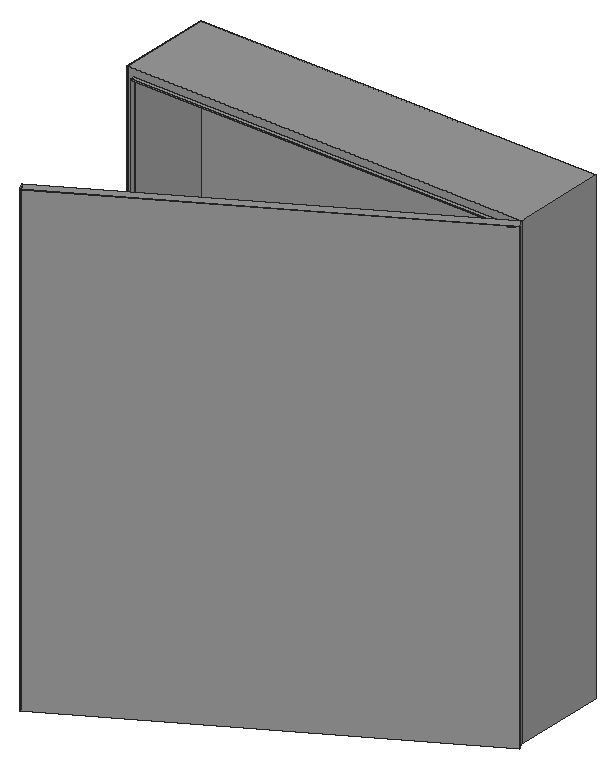
Revit family "Hager-Univers-IP44-D205-H950-Cl.I-Encl-NoHosted-CH-en", category Equipement électrique, Revit 2020
Family settings
  Configuration du panneau = Deux colonnes, circuits au sein
  Cote de connecteur circulaire = Utiliser le diamètre
  Type d'élément = Tableau de raccordement
  Basée sur le plan de construction = Oui
  Toujours verticalement = Oui
  Couper avec des vides une fois chargée = Non
  Partagée = Non
  Point de calcul de pièce = Non
Parameters (values of type "Surface mounted (plaster) IP44 W800 H950 D205  - FP63TN2")
  Width Control [instance] = if([EF000008 - Width] > Min Width, [EF000008 - Width], Min Width)  # 800 mm
  Commentaires du type = [HG000003 - Range]  # "Univers"
  Thickness Door [instance] = if([EF009171 - Material plate thickness door/cover] > 3 mm, 3 mm, [EF009171 - Material plate thickness door/cover])  # 1 mm
  Seal Frame Offset [instance] = 17 mm  # constant formula
  Plinth Visibility [instance] = [HG000027 - Plinth height] > 0 mm  # no
  Min Width [instance] = 100 mm  # constant formula
  Min Depth [instance] = (2 * [EF009170 - Material plate thickness cabinet]) + 1 mm  # 3 mm
  Min Height [instance] = 100 mm  # constant formula
  Internal Frame Depth [instance] = (Door System Depth * 0.5)  # 9 mm
  Panel Name [instance] = ""  # (empty or 0)
  Model = ""
  HG000027 - Plinth height = 0 mm
  HG000026 - Floor standing = no
  HG000024 - Bottom section height = 600 mm
  HG000023 - Double section enclosure = no
  HG000016 - Door 3d visibility [instance] = yes
  HG000015 - Clearance visibility [instance] = no
  HG000014 - Door on the right [instance] = yes
  HG000013 - Door on the left [instance] = not([HG000014 - Door on the right])  # no
  HG000012 - Door swing angle [instance] = 30.00°
  HG000010 - Asymmetric doors = no
  HG000009 - Double swing door = no
  HG000006 - Flush mounted = no
  HG000004 - Manufacturer reference = "FP63TN2"
  HG000003 - Range = "Univers"
  HG000002 - With door or cover = yes
  Frame Offset Bottom [instance] = 10 mm  # constant formula
  Frame Offset [instance] = 15 mm  # constant formula
  EF015940 - Cover with overpressure release = no
  EF011959 - Degree of protection (NEMA) = ""
  EF009554 - Number of openings for flange plates = 6
  EF009212 - Cover model = "EV000116 - Closed"
  EF009171 - Material plate thickness door/cover = 1 mm
  EF009170 - Material plate thickness cabinet = 1 mm
  EF008873 - Nominal current (In) = 250 A
  EF007800 - Suitable for lightning protection = no
  EF006306 - With lock = no
  EF006244 - Transparent cover/door = no
  EF005474 - Degree of protection (IP) = "EV006418 - IP44"
  EF004464 - Type of door = "EV002646 - Single"
  EF004427 - Number of modules = 216
  EF004293 - Impact strength = "EV006815 - IK09"
  EF003532 - Suitable for outdoor use = no
  EF002950 - Width in number of modular spacings = 36
  EF001613 - Circuit integrity = "EV000494 - None"
  EF001596 - Material housing = "EV000179 - Steel"
  EF001131 - Internal depth = 130 mm
  EF001088 - Extension possible = yes
  EF000437 - Number of conduit inlets = 6
  EF000339 - Type of cover = "EV001012 - Cover"
  EF000266 - Number of rows = 6
  EF000218 - Built-in depth = 205 mm
  EF000118 - With mounting plate = no
  EF000116 - RAL-number = "9010"
  EF000049 - Depth = 205 mm
  EF000040 - Height = 950 mm
  EF000008 - Width = 800 mm
  EF000007 - Colour = "EV000202 - White"
  EF000003 - Mounting method = "EV000384 - Surface mounted (plaster)"
  Door System Leaf Tolerance [instance] = 1.5 mm  # constant formula
  Door System Depth [instance] = 18 mm  # constant formula
  Door Height [instance] = Height Control - [HG000027 - Plinth height]  # 950 mm
  Description = ""
  Default Elevation = 1219.2 mm
  Connector Offset [instance] = Height Control / 2  # 475 mm
  Fabricant = "Hager"  # constant formula
  Height Control [instance] = if([EF000040 - Height] > Min Height, [EF000040 - Height], Min Height)  # 950 mm
  Depth Control [instance] = if([EF000049 - Depth] > Min Depth, [EF000049 - Depth], Min Depth)  # 205 mm
  Bottom Top Plate Trim [instance] = 1.5 mm  # constant formula
  Plinth height Ctrl [instance] = if([HG000027 - Plinth height] > 0 mm, [HG000027 - Plinth height], 12 mm)  # 12 mm
Types (10, lengths in mm): name | Width Control | HG000010 - Asymmetric doors | HG000009 - Double swing door | HG000004 - Manufacturer reference | EF009554 - Number of openings for flange plates | EF004464 - Type of door | EF004427 - Number of modules | EF002950 - Width in number of modular spacings | EF000437 - Number of conduit inlets | EF000218 - Built-in depth | EF000008 - Width
  Surface mounted (plaster) IP44 W1050 H950 D205  - FP64QT | 1050 | no | no | "FP64QT" | 8 | "EV003602 - Double" | 288 | 48 | 8 | 0 | 1050
  Surface mounted (plaster) IP44 W1050 H950 D205  - FP64TN2 | 1050 | no | yes | "FP64TN2" | 8 | "EV003602 - Double" | 288 | 48 | 8 | 205 | 1050
  Surface mounted (plaster) IP44 W1300 H950 D205  - FP65QT | 1300 | no | no | "FP65QT" | 10 | "EV003602 - Double" | 360 | 60 | 10 | 0 | 1300
  Surface mounted (plaster) IP44 W1300 H950 D205  - FP65TN2 | 1300 | yes | yes | "FP65TN2" | 10 | "EV003602 - Double" | 360 | 60 | 10 | 205 | 1300
  Surface mounted (plaster) IP44 W300 H950 D205  - FP61QT | 300 | no | no | "FP61QT" | 2 | "EV002646 - Single" | 72 | 12 | 2 | 0 | 300
  Surface mounted (plaster) IP44 W300 H950 D205  - FP61TN2 | 300 | no | no | "FP61TN2" | 2 | "EV002646 - Single" | 72 | 12 | 2 | 205 | 300
  Surface mounted (plaster) IP44 W550 H950 D205  - FP62QT | 550 | no | no | "FP62QT" | 4 | "EV002646 - Single" | 144 | 24 | 4 | 0 | 550
  Surface mounted (plaster) IP44 W550 H950 D205  - FP62TN2 | 550 | no | no | "FP62TN2" | 4 | "EV002646 - Single" | 144 | 24 | 4 | 205 | 550
  Surface mounted (plaster) IP44 W800 H950 D205  - FP63QT | 800 | no | no | "FP63QT" | 6 | "EV002646 - Single" | 216 | 36 | 6 | 0 | 800
  Surface mounted (plaster) IP44 W800 H950 D205  - FP63TN2 | 800 | no | no | "FP63TN2" | 6 | "EV002646 - Single" | 216 | 36 | 6 | 205 | 800
Reference planes
  plane 1 "Center (Front/Back)": y = 0
  plane 2: z = 0
  plane 3 "Center (Left/Right)": x = 0
  plane 4: y = 0
  plane 5: y = 0
  plane 6: z = 0
  plane 7: x = -400
  plane 8: x = 400
  plane 9: x = 399
  plane 10: x = -399
  plane 11: z = 0
  plane 12: z = 1
  plane 13: y = -205
  plane 14: y = -1
  plane 15: x = 0
  plane 16: y = -187
  plane 17: y = -204
  plane 18: y = -186
  plane 19: x = -384
  plane 20: x = 384
  plane 21: z = 11
  plane 22: x = -383
  plane 23: x = 383
  plane 24: z = 0
  plane 25: z = 950
  plane 26: z = 950
  plane 27: z = 934
  plane 28: z = 949
Forms (mm)
  Extrusion 1, solid, material "Hager_Steel_RAL7035_Light_Grey", detail levels medium+fine
    sketch origin (-208.679, -4572, 0) x (-1, 0, 0) y (0, -1, 0)
      loop
        line (191.321, -4385) -> (-608.679, -4385) -> (-608.679, -4572) -> (191.321, -4572) -> (191.321, -4385)
    from 0 to 950
  Extrusion 2, void
    sketch origin (-350.771, -205, 1219.2) x (1, 0, 0) y (0, 0, 1)
      loop
        line (-48.229, -270.2) -> (-48.229, -1218.2) -> (749.771, -1218.2) -> (749.771, -270.2) -> (-48.229, -270.2)
    from -19 to -204
  Extrusion 3, void
    sketch origin (-290.084, -187, 1219.2) x (1, 0, 0) y (0, 0, 1)
      loop
        line (-93.916, -1208.2) -> (674.084, -1208.2) -> (674.084, -285.2) -> (-93.916, -285.2) -> (-93.916, -1208.2)
    from 0 to -1
  Extrusion 4, solid, material "Hager_Steel_RAL7035_Light_Grey", visible <- "Plinth Visibility", detail levels medium+fine
    sketch origin (0, 0, 0) x (1, 0, 0) y (0, 1, 0)
      loop
        line (-400, 0) -> (-400, -187) -> (400, -187) -> (400, 0) -> (-400, 0)
    from 0 to 12 <- "Plinth height Ctrl"
  Extrusion 5, solid, material "Hager_Steel_RAL7035_Light_Grey", detail levels coarse
    sketch origin (0, 0, 0) x (1, 0, 0) y (0, 1, 0)
      loop
        line (-400, 0) -> (-400, -205) -> (400, -205) -> (400, 0) -> (-400, 0)
    from 0 to 950 <- "Height Control"
  Sweep 6, void
    path in 3D
      loop
        line (-400, -187, 12) -> (400, -187, 12) -> (400, 0, 12) -> (-400, 0, 12) -> (-400, -187, 12)
    profile origin (-400, -93.5, 12) x (1, 0, 0) y (0, 0, 1)
      loop
        line (0, 0) -> (0, -1.5) -> (1.5, -1.5)
        arc (1.5, -1.5) -> (1.061, -0.439) -> (0, 0) r 1.5
  Extrusion 7, solid, material "Hager_Steel_RAL7035_Light_Grey", detail levels fine
    sketch origin (-400, -187, 0) x (1, 0, 0) y (0, 0, 1)
      loop
        line (16, 11) -> (784, 11) -> (784, 934) -> (16, 934) -> (16, 11)
      loop
        line (15, 10) -> (785, 10) -> (785, 935) -> (15, 935) -> (15, 10)
    from 0 to 9 <- "Internal Frame Depth"
Cuts and joins
  Extrusion 2, Extrusion 3 cuts Extrusion 1
  Sweep 6 cuts Extrusion 4
Lines and regions (mm)
  Masking region 1
    outline origin (0, 0, 0) x (1, 0, 0) y (0, 1, 0)
      loop
        line (-400, 0) -> (-400, -205) -> (400, -205) -> (400, 0) -> (-400, 0)
  Masking region 2, detail levels coarse
    outline origin (-290.084, -187, 1219.2) x (-1, 0, 0) y (0, 0, 1)
      loop
        line (-690.084, -1219.2) -> (109.916, -1219.2) -> (109.916, -269.2) -> (-690.084, -269.2) -> (-690.084, -1219.2)
  Masking region 3, detail levels coarse
    outline origin (0, 0, 0) x (0, 1, 0) y (0, 0, 1)
      loop
        line (0, 0) -> (0, 950) -> (-205, 950) -> (-205, 0) -> (0, 0)
  Masking region 4, visible <- "Plinth Visibility", detail levels medium+fine
    outline origin (0, 0, 0) x (0, 1, 0) y (0, 0, 1)
      loop
        line (-1.5, 12) -> (-185.5, 12)
        arc (-185.5, 12) -> (-185.939, 10.939) -> (-187, 10.5) r 1.5
        line (-187, 10.5) -> (-187, 0) -> (0, 0) -> (0, 10.5)
        arc (0, 10.5) -> (-1.061, 10.939) -> (-1.5, 12) r 1.5
  Masking region 5, detail levels medium+fine
    outline origin (0, 0, 594.038) x (0, 1, 0) y (0, 0, 1)
      loop
        line (0, -594.038) -> (0, 355.962) -> (-187, 355.962) -> (-187, -594.038) -> (0, -594.038)
  Masking region 6, detail levels medium+fine
    outline origin (-359.7, -187, 1211.883) x (-1, 0, 0) y (0, 0, 1)
      loop
        line (-759.7, -1211.883) -> (40.3, -1211.883) -> (40.3, -261.883) -> (-759.7, -261.883) -> (-759.7, -1211.883)
  Masking region 7, visible <- "Plinth Visibility", detail levels medium+fine
    outline origin (-320.334, -187, 1041.368) x (-1, 0, 0) y (0, 0, 1)
      loop
        line (-720.334, -1041.368) -> (79.666, -1041.368) -> (79.666, -1030.868)
        arc (79.666, -1030.868) -> (78.606, -1030.429) -> (78.166, -1029.368) r 1.5
        line (78.166, -1029.368) -> (-718.834, -1029.368)
        arc (-718.834, -1029.368) -> (-719.273, -1030.429) -> (-720.334, -1030.868) r 1.5
        line (-720.334, -1030.868) -> (-720.334, -1041.368)
  sketch lines
    curve 1: line (-400, 0, 12) -> (-400, -187, 12)
    curve 2: line (-400, -187, 12) -> (400, -187, 12)
    curve 3: line (400, 0, 12) -> (-400, 0, 12)
    curve 4: line (400, -187, 12) -> (400, 0, 12)
Dimensions and locks
  locked: plane 1 "Center (Front/Back)" to plane 5
  "EF009170 - Material plate thickness cabinet": plane 7 to plane 10
  "EF009170 - Material plate thickness cabinet": plane 8 to plane 9
  equal spacing: plane 7, plane 3 "Center (Left/Right)", plane 8
  "Width Control": plane 7 to plane 8
  "Depth Control": plane 4 to plane 13
  "EF009170 - Material plate thickness cabinet": plane 4 to plane 14
  "Height Control": plane 25 to level
  "HG000027 - Plinth height": plane 11 to level
  "EF009170 - Material plate thickness cabinet": plane 12 to plane 11
  "EF009170 - Material plate thickness cabinet": plane 17 to plane 13
  "EF009170 - Material plate thickness cabinet": plane 18 to plane 16
  "Frame Offset Bottom": plane 21 to plane 12
  "Frame Offset": plane 10 to plane 19
  "Frame Offset": plane 9 to plane 20
  "Door System Depth": plane 16 to plane 13
  "Seal Frame Offset": plane 7 to plane 22
  "Seal Frame Offset": plane 8 to plane 23
  "EF009170 - Material plate thickness cabinet": plane 26 to plane 28
  "Frame Offset": plane 28 to plane 27
  "Connector Offset": plane 2 to connector elem
  "Bottom Top Plate Trim": profile plane to Sweep 6 sketch curve
  "Bottom Top Plate Trim": Sweep 6 sketch curve to Sweep 6 sketch curve
  "Plinth height Ctrl": Masking region 4 sketch curve to level
  "Plinth height Ctrl": Masking region 7 sketch curve to level
  "Thickness Door": Extrusion 7 sketch curve to Extrusion 7 sketch curve  (x4)
  "Bottom Top Plate Trim": radius of Sweep 6 sketch curve
  "Bottom Top Plate Trim": radius of Masking region 4 sketch curve  (x2)
  "Bottom Top Plate Trim": radius of Masking region 7 sketch curve  (x2)
  aligned and locked: Extrusion 2 sketch curve to plane 12
  aligned and locked: Extrusion 2 sketch curve to plane 9
  aligned and locked: Extrusion 2 sketch curve to plane 10
  aligned and locked: Extrusion 2 to plane 14
  aligned and locked: Extrusion 1 sketch curve to plane 4
  aligned and locked: plane 8 to Extrusion 1 sketch curve
  aligned and locked: plane 7 to Extrusion 1 sketch curve
  aligned and locked: Extrusion 2 to plane 18
  aligned and locked: Extrusion 3 sketch curve to plane 19
  aligned and locked: plane 20 to Extrusion 3 sketch curve
  aligned and locked: Extrusion 3 to Extrusion 2
  aligned and locked: Extrusion 3 sketch curve to plane 21
  aligned and locked: plane 3 "Center (Left/Right)" to nested 1
  aligned and locked: Extrusion 1 sketch curve to plane 16
  aligned and locked: Extrusion 4 sketch curve to cut or joined group of Extrusion 1, Extrusion 2, Extrusion 3
  aligned and locked: Masking region 1 sketch curve to plane 7
  aligned and locked: Masking region 1 sketch curve to plane 5
  aligned and locked: Masking region 1 sketch curve to plane 8
  aligned and locked: Masking region 2 sketch curve to level
  aligned and locked: level to Masking region 3 sketch curve
  aligned and locked: plane 1 "Center (Front/Back)" to Masking region 3 sketch curve
  aligned and locked: plane 13 to Masking region 3 sketch curve
  aligned and locked: plane 5 to Masking region 4 sketch curve
  aligned and locked: Masking region 2 sketch curve to plane 8
  aligned and locked: Masking region 2 sketch curve to plane 7
  aligned and locked: plane 7 to nested 2
  aligned and locked: nested 2 to plane 5
  aligned and locked: plane 5 to Masking region 5 sketch curve
  aligned and locked: plane 26 to Masking region 5 sketch curve
  aligned and locked: Extrusion 5 sketch curve to plane 8
  aligned and locked: Extrusion 5 sketch curve to plane 7
  aligned and locked: Extrusion 5 sketch curve to plane 5
  aligned and locked: Extrusion 3 sketch curve to plane 27
  aligned and locked: Extrusion 2 sketch curve to plane 28
  aligned and locked: Masking region 2 to plane 25
  aligned and locked: Extrusion 4 to plane 16
  aligned and locked: profile plane to Sweep 6 sketch curve
  aligned and locked: Masking region 5 sketch curve to plane 24
  aligned and locked: level to Masking region 4 sketch curve
  aligned and locked: Masking region 1 to plane 13
  aligned and locked: nested 1 to plane 16
  aligned and locked: Masking region 3 to plane 25
  aligned and locked: plane 16 to Masking region 4 sketch curve
  aligned and locked: Masking region 5 sketch curve to plane 16
  aligned and locked: plane 24 to plane 11
  aligned and locked: plane 26 to plane 25
  aligned and locked: plane 26 to cut or joined group of Extrusion 1, Extrusion 2, Extrusion 3
  aligned and locked: nested 1 to plane 24
  aligned and locked: Extrusion 1 to Extrusion 3
  aligned and locked: Masking region 6 sketch curve to plane 8
  aligned and locked: Masking region 6 sketch curve to plane 24
  aligned and locked: Masking region 6 sketch curve to plane 7
  aligned and locked: Masking region 6 sketch curve to plane 26
  aligned and locked: Masking region 7 sketch curve to plane 7
  aligned and locked: level to Masking region 7 sketch curve
  aligned and locked: Masking region 7 sketch curve to plane 8
  aligned and locked: Extrusion 7 sketch curve to cut or joined group of Extrusion 1, Extrusion 2, Extrusion 3  (x4)
Automatic sketch dimensions
  plane 19 to Extrusion 3 sketch curve = 0 mm
  Extrusion 3 sketch curve to plane 20 = 0 mm
  Extrusion 3 sketch curve to plane 21 = 0 mm
  Extrusion 4 sketch curve to plane 7 = 0 mm
  Extrusion 4 sketch curve to plane 8 = 0 mm
  Extrusion 4 sketch curve to plane 16 = 0 mm
  Masking region 1 sketch curve to plane 13 = 0 mm
  Masking region 2 sketch curve to plane 25 = 0 mm
  Masking region 3 sketch curve to plane 25 = 0 mm
  Extrusion 5 sketch curve to plane 13 = 0 mm
  profile plane to Sweep 6 sketch curve = 0 mm
Nested families
  nested 1: "EC000058_Univers_Door" at (0, -187, 0), Double <- "HG000009 - Double swing door", Transparent <- "EF006244 - Transparent cover/door", Angle <- "HG000012 - Door swing angle", Door_Right <- "HG000014 - Door on the right", Assymetrical <- "HG000010 - Asymmetric doors", Door <- "HG000002 - With door or cover", Width_Ctrl <- "Width Control", 3d_Door <- "HG000016 - Door 3d visibility", Clearance <- "HG000015 - Clearance visibility", Door_Left <- "HG000013 - Door on the left", Width <- "Width Control", Door_Depth <- "Door System Depth", Leaf_Tolerance <- "Door System Leaf Tolerance", Height <- "Door Height", Lock_Visibility <- "EF006306 - With lock", Thickness <- "Thickness Door", type "EC000058_Univers_Door", detail levels medium+fine
    with min_wh 3 mm, Width_Ctrl 800 mm, Width 800 mm, Transparent no, Thickness 1 mm, Seal_Material Hager_Rubber, Lock_Visibility no, Lock_Material Hager_Plastic_RAL9005_Jet_Black, Leaf_Width 800 mm, Leaf_Tolerance_External_Sides 0 mm, Leaf_Tolerance 1.5 mm, Leaf_Offset 0 mm, Leaf_Height 947 mm, Leaf_2_Width 800 mm, Leaf_2_Offset 400 mm, Leaf_1_Width 800 mm, Leaf_1_Offset 400 mm, Height_Ctrl 950 mm, Height 950 mm, Glass_Material Hager_Glass, Double_Clearance_Ctrl no, Double no, Door_Right_Ctrl yes, Door_Right yes, Door_Material Hager_Steel_RAL7035_Light_Grey, Door_Left_Ctrl no, Door_Left no, Door_Depth 18 mm, Door yes, Clearance_Material Hager_Clearance, Clearance_Depth 800 mm, Clearance_Ctrl no, Clearance no, Assymetrical no, Angle 30.00°, 3d_Door yes
  nested 2: "Hager_Enclosure_Symbol" at (-400, 0, 0), Height <- "Depth Control", Width <- "Width Control", type "Hager_Enclosure_Symbol"
    with Width_Ctrl 800 mm, Width 800 mm, Height_Ctrl 205 mm, Height 205 mm, A_Width_Int 13.453 mm, A_Width 161.438 mm, A_Height_Ctrl 179.375 mm, A_Height 179.375 mm
Connectors
  electrical at (0, 0, 475)
    settings: on plane 1 "Center (Front/Back)", index 1, voltage 0 V, apparent load 0 VA, apparent load phase1 0 VA, apparent load phase2 0 VA, apparent load phase3 0 VA, power factor 1, load classification "Other", number of poles 1, system type 30, power factor state 1, is connector primary yes, connector utility no, sub classification motor no, connector description ""
Definition of nested family "EC000058_Univers_Door"
  Parameters (values of type "EC000058_Univers_Door")
    min_wh [instance] = (2 * Thickness) + 1 mm  # 11 mm
    Width_Ctrl [instance] = 400 mm
    Width [instance] = 500 mm
    Transparent [instance] = yes
    Thickness [instance] = 5 mm
    Seal_Material [instance] = none
    Lock_Visibility [instance] = yes
    Lock_Material [instance] = none
    Leaf_Width [instance] = if((Width_Ctrl - 2 * Leaf_Tolerance_External_Sides) > 0 mm, (Width_Ctrl - 2 * Leaf_Tolerance_External_Sides), min_wh)  # 400 mm
    Leaf_Tolerance_External_Sides [instance] = 0 mm  # constant formula
    Leaf_Tolerance [instance] = 1.5 mm
    Leaf_Offset [instance] = 0 mm  # constant formula
    Leaf_Height [instance] = if((Height_Ctrl - 2 * Leaf_Tolerance) > 0 mm, (Height_Ctrl - 2 * Leaf_Tolerance), min_wh)  # 497 mm
    Leaf_2_Width [instance] = if(and(and(Double, Assymetrical), Door_Left), (Leaf_Width / 3) - (Leaf_Tolerance / 2), if(and(and(Double, Assymetrical), Door_Right), (Leaf_Width / 3) * 2 - (Leaf_Tolerance / 2), if(and(Double, not(Assymetrical)), (Leaf_Width / 2) - Leaf_Tolerance, Leaf_Width)))  # 400 mm
    Leaf_2_Offset [instance] = if(and(Double, Assymetrical), Leaf_2_Width / 2, if(and(Double, not(Assymetrical)), Leaf_Width / 4, Leaf_Width / 2))  # 200 mm
    Leaf_1_Width [instance] = if(and(and(Double, Assymetrical), Door_Right), (Leaf_Width / 3) - (Leaf_Tolerance / 2), if(and(and(Double, Assymetrical), Door_Left), (Width / 3) * 2 - (Leaf_Tolerance / 2), if(and(Double, not(Assymetrical)), (Leaf_Width / 2) - Leaf_Tolerance, Leaf_Width)))  # 400 mm
    Leaf_1_Offset [instance] = if(and(Double, Assymetrical), Leaf_1_Width / 2, if(and(Double, not(Assymetrical)), Leaf_Width / 4, Leaf_Width / 2))  # 200 mm
    Height_Ctrl [instance] = if(Height > min_wh, Height, min_wh)  # 500 mm
    Height [instance] = 500 mm
    Glass_Material [instance] = none
    Double_Clearance_Ctrl [instance] = and(Double, Clearance)  # no
    Double [instance] = no
    Door_Right_Ctrl [instance] = and(or(Door_Right, Double), Door)  # yes
    Door_Right [instance] = yes
    Door_Material [instance] = none
    Door_Left_Ctrl [instance] = and(or(Door_Left, Double), Door)  # no
    Door_Left [instance] = no
    Door_Depth [instance] = 30 mm
    Door [instance] = yes
    Default Elevation = 1219.2 mm
    Clearance_Material [instance] = none
    Clearance_Depth [instance] = if(Leaf_1_Width > Leaf_2_Width, Leaf_1_Width, Leaf_2_Width)  # 400 mm
    Clearance_Ctrl [instance] = and(not(Double), Clearance)  # yes
    Clearance [instance] = yes
    Assymetrical [instance] = yes
    Angle [instance] = 30.00°
    3d_Door [instance] = yes
  Reference planes
    plane 1 "Center (Front/Back)": y = 0
    plane 2 "Bottom": z = 0
    plane 3 "Center (Left/Right)": x = 0
    plane 4: z = 500
    plane 5: x = -200
    plane 6: x = 200
    plane 7: z = 500
    plane 8: x = -200
    plane 9: z = 0
    plane 10: x = 200
    plane 11: y = 0
    plane 12: z = 1.5
    plane 13: x = -600
    plane 14: y = -400
    plane 15: x = 600
    plane 16: x = 0
    plane 17: x = 0
    plane 18: x = -200
    plane 19: x = 200
    plane 20: z = 498.5
  Forms (mm)
    Extrusion 1, solid, material <- "Clearance_Material", visible <- "Double_Clearance_Ctrl"
      sketch origin (1200, 0, 0) x (1, 0, 0) y (0, 0, -1)
        loop
          line (-1800, -498.5) -> (-600, -498.5) -> (-600, 0) -> (-1800, 0) -> (-1800, -498.5)
      from 0 to -400
  Dimensions and locks
    equal spacing: plane 5, plane 3 "Center (Left/Right)", plane 6
    "Width_Ctrl": plane 5 to plane 6
    "Leaf_Offset": plane 5 to plane 8
    "Leaf_Offset": plane 6 to plane 10
    "Leaf_Offset": plane 9 to level
    "Leaf_Offset": plane 4 to plane 7
    "Height_Ctrl": plane 4 to level
    "Leaf_Tolerance": plane 12 to plane 9
    locked: plane 11 to plane 1 "Center (Front/Back)"
    "Leaf_1_Offset": plane 18 to plane 16
    "Leaf_2_Offset": plane 17 to plane 19
    "Leaf_1_Width": plane 13 to plane 8
    "Leaf_2_Width": plane 10 to plane 15
    "Clearance_Depth": plane 14 to plane 1 "Center (Front/Back)"
    "Leaf_Tolerance_External_Sides": plane 8 to plane 18
    "Leaf_Tolerance_External_Sides": plane 19 to plane 10
    "Leaf_Tolerance": plane 7 to plane 20
    aligned and locked: level to plane 2 "Bottom"
    aligned and locked: nested 1 to plane 16
    aligned and locked: nested 2 to plane 17
    aligned and locked: Extrusion 1 to plane 13
    aligned and locked: plane 15 to Extrusion 1
    aligned and locked: Extrusion 1 to plane 14
    aligned and locked: plane 12 to nested 1
    aligned and locked: nested 2 to plane 12
    aligned and locked: Extrusion 1 to plane 11
    aligned and locked: plane 20 to Extrusion 1
    aligned and locked: nested 2 to plane 11
    aligned and locked: nested 1 to plane 11
  Automatic sketch dimensions
    Extrusion 1 sketch curve to level = 0 mm
    plane 5 to Extrusion 1 sketch curve = 400 mm
    plane 6 to Extrusion 1 sketch curve = 400 mm
    Extrusion 1 sketch curve to plane 4 = 1.5 mm
  Nested families
    nested 1: "EC000058_Univers_Door_Leaf" at (0, 0, 1.5), Width <- "Leaf_1_Width", visible <- "Door_Left_Ctrl", Leaf_Height <- "Leaf_Height", Angle <- "Angle", 3d_Door <- "3d_Door", Transparent <- "Transparent", Clearance Material <- "Clearance_Material", Clearance <- "Clearance_Ctrl", Door_Material <- "Door_Material", Glass_Material <- "Glass_Material", Door_Depth <- "Door_Depth", Lock_Material <- "Lock_Material", Seal_Material <- "Seal_Material", Lock_Visibility <- "Lock_Visibility", Thickness <- "Thickness", type "EC000058_Univers_Door_Leaf"
      with Width 400 mm, Transparent_Glass_Offset 30 mm, Transparent_Ctrl yes, Transparent yes, Thickness 5 mm, Standard no, Seal_Material none, Seal_D2 8 mm, Seal_D1 1 mm, Offset_Internal_Frame 10 mm, Lock_Width 20 mm, Lock_Visibility_3d yes, Lock_Visibility yes, Lock_Thickness_3 3 mm, Lock_Thickness_2 1 mm, Lock_Thickness_1 3 mm, Lock_Radius_Offset_2 16 mm, Lock_Radius_Offset_1 15 mm, Lock_Radius_2 5 mm, Lock_Radius 6 mm, Lock_Offset 5 mm, Lock_Material none, Lock_Height 80 mm, Lock_Cover_Top_Offset_2d 17 mm, Lock_Cover_Height -65 mm, Leaf_Height 497 mm, Internal_Seal_Thickness 8 mm, Internal_Seal_Depth_2 4.5 mm, Internal_Frame_Depth 25 mm, Glass_Thickness -1 mm, Glass_Offset -2 mm, Glass_Material none, Door_Material none, Door_Depth 30 mm, Clearance Material none, Clearance yes, Angle_Ctrl 30.00°, Angle 30.00°, 3d_Door yes
    nested 2: "EC000058_Univers_Door_Leaf" at (0, 0, 1.5) x (-1, 0, 0) z (0, 0, 1), Width <- "Leaf_2_Width", visible <- "Door_Right_Ctrl", Leaf_Height <- "Leaf_Height", Angle <- "Angle", 3d_Door <- "3d_Door", Transparent <- "Transparent", Clearance Material <- "Clearance_Material", Clearance <- "Clearance_Ctrl", Door_Material <- "Door_Material", Glass_Material <- "Glass_Material", Door_Depth <- "Door_Depth", Lock_Material <- "Lock_Material", Seal_Material <- "Seal_Material", Lock_Visibility <- "Lock_Visibility", Thickness <- "Thickness", type "EC000058_Univers_Door_Leaf"
      with Width 400 mm, Transparent_Glass_Offset 30 mm, Transparent_Ctrl yes, Transparent yes, Thickness 5 mm, Standard no, Seal_Material none, Seal_D2 8 mm, Seal_D1 1 mm, Offset_Internal_Frame 10 mm, Lock_Width 20 mm, Lock_Visibility_3d yes, Lock_Visibility yes, Lock_Thickness_3 3 mm, Lock_Thickness_2 1 mm, Lock_Thickness_1 3 mm, Lock_Radius_Offset_2 16 mm, Lock_Radius_Offset_1 15 mm, Lock_Radius_2 5 mm, Lock_Radius 6 mm, Lock_Offset 5 mm, Lock_Material none, Lock_Height 80 mm, Lock_Cover_Top_Offset_2d 17 mm, Lock_Cover_Height -65 mm, Leaf_Height 497 mm, Internal_Seal_Thickness 8 mm, Internal_Seal_Depth_2 4.5 mm, Internal_Frame_Depth 25 mm, Glass_Thickness -1 mm, Glass_Offset -2 mm, Glass_Material none, Door_Material none, Door_Depth 30 mm, Clearance Material none, Clearance yes, Angle_Ctrl 30.00°, Angle 30.00°, 3d_Door yes
  Definition of nested family "EC000058_Univers_Door_Leaf"
    Parameters (values of type "EC000058_Univers_Door_Leaf")
      Width [instance] = 2000 mm
      Transparent_Glass_Offset [instance] = 30 mm
      Transparent_Ctrl [instance] = and(Transparent, [3d_Door])  # yes
      Transparent [instance] = yes
      Thickness [instance] = 5 mm
      Standard [instance] = and(not(Transparent), [3d_Door])  # no
      Seal_Material [instance] = none
      Seal_D2 [instance] = 8 mm  # constant formula
      Seal_D1 [instance] = 1 mm  # constant formula
      Offset_Internal_Frame [instance] = 10 mm  # constant formula
      Lock_Width [instance] = 20 mm  # constant formula
      Lock_Visibility_3d [instance] = and(Lock_Visibility, [3d_Door])  # yes
      Lock_Visibility [instance] = yes
      Lock_Thickness_3 [instance] = 3 mm  # constant formula
      Lock_Thickness_2 [instance] = 1 mm  # constant formula
      Lock_Thickness_1 [instance] = 3 mm  # constant formula
      Lock_Radius_Offset_2 [instance] = Lock_Radius_Offset_1 + 1 mm  # 16 mm
      Lock_Radius_Offset_1 [instance] = 15 mm  # constant formula
      Lock_Radius_2 [instance] = Lock_Radius - 1 mm  # 5 mm
      Lock_Radius [instance] = 6 mm  # constant formula
      Lock_Offset [instance] = 5 mm  # constant formula
      Lock_Material [instance] = none
      Lock_Height [instance] = 80 mm  # constant formula
      Lock_Cover_Top_Offset_2d [instance] = Lock_Radius_Offset_2 + 1 mm  # 17 mm
      Lock_Cover_Height [instance] = -(Lock_Height - Lock_Radius_Offset_1)  # -65 mm
      Leaf_Height [instance] = 2720.336 mm
      Internal_Seal_Thickness [instance] = 8 mm  # constant formula
      Internal_Seal_Depth_2 [instance] = 4.5 mm  # constant formula
      Internal_Frame_Depth [instance] = if(Door_Depth - Thickness > 5 mm, Door_Depth - Thickness, 5 mm)  # 25 mm
      Glass_Thickness [instance] = if(Thickness > 15 mm, Glass_Offset + 10 mm, -1 mm)  # -1 mm
      Glass_Offset [instance] = if(Thickness > 15 mm, -(Thickness + 10 mm) / 2, -2 mm)  # -2 mm
      Glass_Material [instance] = none
      Door_Material [instance] = none
      Door_Depth [instance] = 30 mm
      Default Elevation = 0 mm
      Clearance Material [instance] = none
      Clearance [instance] = yes
      Angle_Ctrl [instance] = if(Angle > 180.00°, 180.00°, Angle)  # 90.00°
      Angle [instance] = 90.00°
      3d_Door [instance] = yes
    Reference planes
      plane 1 "Center (Front/Back)": y = 0
      plane 2: z = 0
      plane 3 "Center (Left/Right)": x = 0
      plane 4: y = 2000
      plane 5: x = -1000
      plane 6: x = 1000
      plane 7: x = -3000
      plane 8: z = 2720.336
      plane 9: z = 30
      plane 10: z = 2690.336
      plane 11: x = 970
      plane 12: x = -970
      plane 13: y = -3
      plane 14: z = 107.833
      plane 15: y = -5
      plane 16: y = -223.314
      plane 17: x = -1000
      plane 18: z = 1360.168
      plane 19: y = 30
    Forms (mm)
      Extrusion 1, solid, material <- "Clearance Material", visible <- "Clearance"
        sketch origin (0, 0, 0) x (1, 0, 0) y (0, 0, 1)
          loop
            line (-3000, 2720.336) -> (-3000, 0) -> (1000, 0) -> (1000, 2720.336) -> (-3000, 2720.336)
        from 0 to -2000
      Extrusion 2, solid, material <- "Door_Material", visible <- "Standard", detail levels medium+fine
        sketch origin (-1000, 0, 0) x (0, 1, 0) y (-1, 0, 0)
          loop
            line (0, 30) -> (0, 25) -> (2000, 25) -> (2000, 30) -> (0, 30)
        from 0 to 2720.336 <- "Leaf_Height"
      Extrusion 3, solid, material <- "Door_Material", visible <- "Transparent_Ctrl", detail levels medium+fine
        sketch origin (-1000, 0, 0) x (0, 1, 0) y (-1, 0, 0)
          loop
            line (0, 25) -> (2000, 25) -> (2000, 30) -> (0, 30) -> (0, 25)
        from 0 to 2720.336 <- "Leaf_Height"
      Extrusion 4, void
        sketch origin (-1025, 2000, 0) x (0, 1, 0) y (0, 0, -1)
          loop
            line (-30, -2690.336) -> (-30, -30) -> (-1970, -30) -> (-1970, -2690.336) -> (-30, -2690.336)
        from 0 to 5 <- "Thickness"
      Sweep 5, solid, material <- "Seal_Material", visible <- "Transparent_Ctrl", detail levels fine
        path in 3D
          loop
            line (-1025, 30, 30) -> (-1025, 30, 2690.336) -> (-1025, 1970, 2690.336) -> (-1025, 1970, 30) -> (-1025, 30, 30)
        profile origin (-1025, 1000, 30) x (1, 0, 0) y (0, 0, 1)
          loop
            line (0, 0) -> (0, -8) -> (1, -8) -> (1, 0) -> (0, 0)
      Extrusion 6, solid, material <- "Glass_Material", visible <- "Transparent_Ctrl", detail levels medium+fine
        sketch origin (-1030, 0, 0) x (0, 1, 0) y (0, 0, -1)
          loop
            line (1970, -2690.336) -> (1970, -30) -> (30, -30) -> (30, -2690.336) -> (1970, -2690.336)
        from -2 <- "Glass_Offset" to -1 <- "Glass_Thickness"
      Extrusion 7, solid, material <- "Door_Material", visible <- "3d_Door", detail levels medium+fine
        sketch origin (-1025, 2000, 0) x (0, -1, 0) y (0, 0, -1)
          loop
            line (0, -2720.336) -> (2000, -2720.336) -> (2000, 0) -> (0, 0) -> (0, -2720.336)
          loop
            line (1995, -5) -> (5, -5) -> (5, -2715.336) -> (1995, -2715.336) -> (1995, -5)
        from 0 to 25 <- "Internal_Frame_Depth"
      Sweep 8, solid, material <- "Seal_Material", visible <- "Transparent_Ctrl", detail levels fine
        path in 3D
          loop
            line (-1025, 0, 0) -> (-1025, 2000, 0) -> (-1025, 2000, 2720.336) -> (-1025, 0, 2720.336) -> (-1025, 0, 0)
        profile origin (-1025, 0, 1360.168) x (1, 0, 0) y (0, 1, 0)
          loop
            line (0, 10) -> (2.975, 10)
            arc (2.975, 10) -> (4.053, 10.447) -> (4.5, 11.525) r 1.525
            line (4.5, 11.525) -> (4.5, 16.527)
            arc (4.5, 16.527) -> (4.069, 17.569) -> (3.027, 18) r 1.473
            line (3.027, 18) -> (0, 18) -> (0, 10)
      Extrusion 9, solid, material <- "Lock_Material", visible <- "Lock_Visibility_3d", detail levels fine
        sketch origin (-1030, 0, 0) x (0, 1, 0) y (0, 0, -1)
          loop
            arc (1993.5, -1400.168) -> (1994.561, -1399.729) -> (1995, -1398.668) r 1.5
            line (1995, -1398.668) -> (1995, -1320.168) -> (1975, -1320.168) -> (1975, -1398.668)
            arc (1975, -1398.668) -> (1975.439, -1399.729) -> (1976.5, -1400.168) r 1.5
            line (1976.5, -1400.168) -> (1993.5, -1400.168)
        from 3 <- "Lock_Thickness_1" to 0
      Blend 10, solid, material <- "Lock_Material", visible <- "Lock_Visibility_3d", detail levels fine
        base sketch origin (-1033, 0, 0) x (0, 1, 0) y (0, 0, -1)
          loop
            line (1975, -1320.168) -> (1975, -1398.668)
            arc (1975, -1398.668) -> (1975.439, -1399.729) -> (1976.5, -1400.168) r 1.5
            line (1976.5, -1400.168) -> (1993.5, -1400.168)
            arc (1993.5, -1400.168) -> (1994.561, -1399.729) -> (1995, -1398.668) r 1.5
            line (1995, -1398.668) -> (1995, -1320.168) -> (1975, -1320.168)
        top sketch origin (-1033, 0, 0) x (0, 1, 0) y (0, 0, -1)
          loop
            line (1976, -1320.168) -> (1976, -1398.668)
            arc (1976, -1398.668) -> (1976.146, -1399.022) -> (1976.5, -1399.168) r 0.5
            line (1976.5, -1399.168) -> (1993.5, -1399.168)
            arc (1993.5, -1399.168) -> (1993.854, -1399.022) -> (1994, -1398.668) r 0.5
            line (1994, -1398.668) -> (1994, -1320.168) -> (1976, -1320.168)
        from 0 to 1 <- "Lock_Thickness_2"
      Blend 11, solid, material <- "Lock_Material", visible <- "Lock_Visibility_3d", detail levels fine
        base sketch origin (-1034, 0, 0) x (0, 1, 0) y (0, 0, -1)
          loop
            line (1978, -1320.168) -> (1978, -1384.168)
            arc (1978, -1384.168) -> (1985, -1391.168) -> (1992, -1384.168) r 7
            line (1992, -1384.168) -> (1992, -1320.168) -> (1978, -1320.168)
        top sketch origin (-1034, 0, 0) x (0, 1, 0) y (0, 0, -1)
          loop
            line (1991, -1320.168) -> (1979, -1320.168) -> (1979, -1383.168)
            arc (1979, -1383.168) -> (1985, -1389.168) -> (1991, -1383.168) r 6
            line (1991, -1383.168) -> (1991, -1320.168)
        from 0 to 3 <- "Lock_Thickness_3"
      Extrusion 12, solid, material <- "Lock_Material", visible <- "Lock_Visibility_3d", detail levels fine
        sketch origin (-1030, 1975, 1320.168) x (1, 0, 0) y (0, -1, 0)
          loop
            line (-7, -19) -> (-7, -1) -> (0, -1) -> (0, 0) -> (-8, 0) -> (-8, -20) -> (0, -20) -> (0, -19) -> (-7, -19)
        from 0 to -65 <- "Lock_Cover_Height"
      Extrusion 13, void
        sketch origin (-1038, 1995, 1320.168) x (-1, 0, 0) y (0, 0, -1)
          loop
            line (-5, -65) -> (0, -65) -> (-5, -60) -> (-5, -65)
        from 0 to 20 <- "Lock_Width"
      Extrusion 14, void
        sketch origin (-1038, 1975, 1320.168) x (0, -1, 0) y (0, 0, -1)
          loop
            circle (-10, -15.995) r 6
          loop
            circle (-10, -15.995) r 5
        from 0 to 2
      Extrusion 15, solid, material <- "Lock_Material", visible <- "Lock_Visibility_3d", detail levels medium
        sketch origin (-1030, 0, 0) x (0, 1, 0) y (0, 0, -1)
          loop
            arc (1993.5, -1400.168) -> (1994.561, -1399.729) -> (1995, -1398.668) r 1.5
            line (1995, -1398.668) -> (1995, -1320.168) -> (1975, -1320.168) -> (1975, -1398.668)
            arc (1975, -1398.668) -> (1975.439, -1399.729) -> (1976.5, -1400.168) r 1.5
            line (1976.5, -1400.168) -> (1993.5, -1400.168)
        from 8 to 0
    Cuts and joins
      Extrusion 4 cuts Extrusion 3
      Extrusion 13, Extrusion 14 cuts Extrusion 9
      Extrusion 14 cuts Blend 11
      Extrusion 13, Extrusion 14 cuts Extrusion 12
      joined: Extrusion 9, Blend 10, Blend 11, Extrusion 12
      Extrusion 14 cuts Extrusion 15
    Lines and regions (mm)
      Masking region 1, visible <- "Lock_Visibility", detail levels fine
        outline origin (0, 0, 0) x (0, 1, 0) y (0, 0, 1)
          loop
            line (30, 1320.168) -> (33, 1320.168) -> (33, 1400.168) -> (30, 1400.168) -> (30, 1320.168)
      Masking region 2, visible <- "Lock_Visibility", detail levels fine
        outline origin (0, 3.143, 0) x (0, 1, 0) y (0, 0, 1)
          loop
            line (29.857, 1354.168) -> (30.857, 1354.168) -> (30.857, 1366.168) -> (29.857, 1366.168) -> (29.857, 1354.168)
      Masking region 3, detail levels medium+fine
        outline origin (0, 0, 0) x (0, 1, 0) y (0, 0, 1)
          loop
            line (0, 0) -> (30, 0) -> (30, 2720.336) -> (0, 2720.336) -> (0, 0)
      Masking region 4, detail levels medium+fine
        outline origin (0, 0, 0) x (1, 0, 0) y (0, 0, 1)
          loop
            line (-1000, 2720.336) -> (-1000, 0) -> (1000, 0) -> (1000, 2720.336) -> (-1000, 2720.336)
      Masking region 5, visible <- "Lock_Visibility", detail levels fine
        outline origin (-47.116, 0, 0) x (1, 0, 0) y (0, 0, 1)
          loop
            arc (1024.616, 1399.168) -> (1023.556, 1398.729) -> (1023.116, 1397.668) r 1.5
            line (1023.116, 1397.668) -> (1023.116, 1320.168) -> (1041.116, 1320.168) -> (1041.116, 1397.668)
            arc (1041.116, 1397.668) -> (1040.677, 1398.729) -> (1039.616, 1399.168) r 1.5
            line (1039.616, 1399.168) -> (1024.616, 1399.168)
      Masking region 6, visible <- "Lock_Visibility", detail levels medium+fine
        outline origin (-25, 0, 0) x (1, 0, 0) y (0, 0, 1)
          loop
            arc (1001.5, 1400.168) -> (1000.439, 1399.729) -> (1000, 1398.668) r 1.5
            line (1000, 1398.668) -> (1000, 1320.168) -> (1020, 1320.168) -> (1020, 1398.668)
            arc (1020, 1398.668) -> (1019.561, 1399.729) -> (1018.5, 1400.168) r 1.5
            line (1018.5, 1400.168) -> (1001.5, 1400.168)
      Masking region 7, visible <- "Lock_Visibility", detail levels fine
        outline origin (-73.735, 0, 0) x (1, 0, 0) y (0, 0, 1)
          loop
            line (1051.735, 1382.168) -> (1065.735, 1382.168) -> (1065.735, 1384.168)
            arc (1065.735, 1384.168) -> (1058.735, 1391.168) -> (1051.735, 1384.168) r 7
            line (1051.735, 1384.168) -> (1051.735, 1382.168)
      Masking region 8, visible <- "Lock_Visibility", detail levels fine
        outline origin (-73.735, 0, 0) x (1, 0, 0) y (0, 0, 1)
          loop
            line (1052.735, 1382.168) -> (1064.735, 1382.168) -> (1064.735, 1383.168)
            arc (1064.735, 1383.168) -> (1058.735, 1389.168) -> (1052.735, 1383.168) r 6
            line (1052.735, 1383.168) -> (1052.735, 1382.168)
      Masking region 9, visible <- "Lock_Visibility", detail levels fine
        outline origin (-25, 0, 0) x (1, 0, 0) y (0, 0, 1)
          loop
            line (1020, 1320.168) -> (1020, 1382.168) -> (1000, 1382.168) -> (1000, 1320.168) -> (1020, 1320.168)
      Masking region 10, detail levels medium+fine
        outline origin (0, 0, 0) x (1, 0, 0) y (0, 0, 1)
          loop
            circle (985, 1335.144) r 6
      Masking region 11, detail levels fine
        outline origin (0, 0, 0) x (1, 0, 0) y (0, 0, 1)
          loop
            circle (985, 1335.144) r 5
      Masking region 12, visible <- "Lock_Visibility", detail levels fine
        outline origin (0, 12.767, 0) x (0, 1, 0) y (0, 0, 1)
          loop
            line (20.233, 1320.168) -> (21.233, 1320.168) -> (21.233, 1399.168) -> (20.233, 1400.168) -> (20.233, 1320.168)
      Masking region 13, visible <- "Lock_Visibility", detail levels fine
        outline origin (0, 13.767, -10) x (0, 1, 0) y (0, 0, 1)
          loop
            line (20.233, 1330.168) -> (23.233, 1330.168) -> (23.233, 1399.168) -> (20.233, 1402.168) -> (20.233, 1330.168)
      Masking region 14, visible <- "Lock_Visibility", detail levels fine
        outline origin (0, 12.767, -10) x (0, 1, 0) y (0, 0, 1)
          loop
            line (20.233, 1330.168) -> (25.233, 1330.168) -> (25.233, 1399.305) -> (20.233, 1394.305) -> (20.233, 1330.168)
      Masking region 15, visible <- "Lock_Visibility", detail levels medium
        outline origin (0, 0, 0) x (0, 1, 0) y (0, 0, 1)
          loop
            line (30, 1320.168) -> (38, 1320.168) -> (38, 1400.168) -> (30, 1400.168) -> (30, 1320.168)
      Masking region 16, visible <- "Lock_Visibility", detail levels fine
        outline origin (-1000, 0, 0) x (0, 1, 0) y (-1, 0, 0)
          loop
            line (1975, 30) -> (1995, 30) -> (1995, 38) -> (1975, 38) -> (1975, 30)
          loop
            line (1979, 37) -> (1976, 37) -> (1976, 34) -> (1978, 34) -> (1979, 37)
          loop
            line (1994, 37) -> (1991, 37) -> (1992, 34) -> (1994, 34) -> (1994, 37)
      Masking region 17, visible <- "Lock_Visibility", detail levels medium
        outline origin (-1000, 0, 0) x (0, 1, 0) y (-1, 0, 0)
          loop
            line (1975, 30) -> (1995, 30) -> (1995, 38) -> (1975, 38) -> (1975, 30)
      symbolic lines
        curve 1: line (1000, 0, 0) -> (-3000, 0, 0)
        curve 2: arc (1000, 0, 0) -> (-1000, 2000, 0) -> (-3000, 0, 0) r 2000
        curve 4: line (-1030, 0, 0) -> (-1030, 2000, 0)
      reference lines
        curve 3: line (-1000, 0, 0) -> (-1000, 2000, 0)
      symbolic lines, detail levels medium+fine
        curve 5: line (-1030, 2000, 0) -> (-1025, 2000, 0)
        curve 7: line (-1025, 0, 0) -> (-1030, 0, 0)
        curve 8: line (-1025, 0, 0) -> (-1000, 0, 0)
        curve 9: line (-1000, 0, 0) -> (-1000, 2000, 0)
        curve 10: line (-1000, 2000, 0) -> (-1025, 2000, 0)
      symbolic lines, detail levels fine
        curve 6: line (-1025, 2000, 0) -> (-1025, 0, 0)
      sketch lines
        curve 11: line (-1025, 0, 2720.336) -> (-1025, 0, 0)
        curve 12: line (-1025, 2000, 0) -> (-1025, 0, 0)
        curve 13: line (-1025, 2000, 2720.336) -> (-1025, 2000, 0)
        curve 14: line (-1025, 0, 2720.336) -> (-1025, 2000, 2720.336)
        curve 15: line (-1025, 1970, 30) -> (-1025, 30, 30)
        curve 16: line (-1025, 30, 30) -> (-1025, 30, 2690.336)
        curve 17: line (-1025, 1970, 2690.336) -> (-1025, 1970, 30)
        curve 18: line (-1025, 30, 2690.336) -> (-1025, 1970, 2690.336)
      symbolic lines, visible <- "Transparent", detail levels medium+fine
        curve 19: line (-970, 0, 2690.336) -> (970, 0, 2690.336)
        curve 20: line (-970, 0, 30) -> (-970, 0, 2690.336)
        curve 21: line (970, 0, 30) -> (-970, 0, 30)
        curve 22: line (970, 0, 2690.336) -> (970, 0, 30)
    Dimensions and locks
      "Width": plane 1 "Center (Front/Back)" to plane 4
      equal spacing: plane 5, plane 3 "Center (Left/Right)", plane 6
      "Width": plane 5 to plane 6
      "Width": plane 7 to plane 5
      "Leaf_Height": plane 8 to level
      "Width": curve 5 to curve 3
      "Width": curve 3 to curve 3
      plane 8 to plane 10 = 30 mm
      plane 9 to level = 30 mm
      plane 12 to plane 5 = 30 mm
      plane 6 to plane 11 = 30 mm
      Extrusion 1 to Extrusion 4 sketch curve = 30 mm
      "Transparent_Glass_Offset": curve 3 to Extrusion 4 sketch curve
      "Transparent_Glass_Offset": Extrusion 4 sketch curve to cut or joined group of Extrusion 3, Extrusion 4  (x2)
      cut or joined group of Extrusion 3, Extrusion 4 to Extrusion 6 sketch curve = 30 mm
      "Transparent_Glass_Offset": cut or joined group of Extrusion 3, Extrusion 4 to Extrusion 4 sketch curve
      "Thickness": curve 6 to curve 4
      "Thickness": Extrusion 7 sketch curve to Extrusion 7 sketch curve  (x4)
      "Door_Depth": curve 4 to curve 3
      "Offset_Internal_Frame": profile plane to Sweep 8 sketch curve
      "Internal_Seal_Thickness": Sweep 8 sketch curve to Sweep 8 sketch curve
      "Internal_Seal_Depth_2": profile plane to Sweep 8 sketch curve
      "Seal_D1": profile plane to Sweep 5 sketch curve
      "Seal_D2": profile plane to Sweep 5 sketch curve
      "Thickness": Extrusion 2 sketch curve to Extrusion 2 sketch curve
      equal spacing: Extrusion 9 sketch curve, plane 18, Extrusion 9 sketch curve  (x2)
      equal spacing: Masking region 1 sketch curve, plane 18, Masking region 1 sketch curve
      "Lock_Height": Masking region 1 sketch curve to Masking region 1 sketch curve
      "Lock_Radius": Masking region 2 sketch curve to plane 18 to Masking region 2 sketch curve
      Masking region 2 sketch curve to Masking region 1 = 1 mm
      "Door_Depth": plane 19 to plane 1 "Center (Front/Back)"
      "Lock_Thickness_1": Masking region 1 sketch curve to plane 19
      "Lock_Width": Extrusion 9 sketch curve to Extrusion 9 sketch curve
      "Lock_Height": Extrusion 9 sketch curve to Extrusion 9 sketch curve
      "Lock_Offset": cut or joined group of Extrusion 3, Extrusion 4 to Extrusion 9 sketch curve
      equal spacing: plane 8, plane 18, level
      "Lock_Radius_Offset_1": Blend 11 sketch curve to Blend 10
      locked: Blend 10 to Blend 11 sketch curve at 2  (x2)
      locked: var sketch to Blend 11 sketch curve at 1  (x2)
      "Lock_Radius_Offset_2": Blend 11 sketch curve to Blend 10
      locked: Extrusion 12 sketch curve to Extrusion 12 sketch curve at 1  (x3)
      Masking region 6 sketch curve to Masking region 6 sketch curve = 80 mm
      "Lock_Height": Masking region 6 sketch curve to Masking region 6 sketch curve
      "Lock_Width": Masking region 6 sketch curve to Masking region 6 sketch curve
      locked: Masking region 6 to Masking region 5 sketch curve at 1  (x3)
      locked: Masking region 5 to Masking region 7 sketch curve at 2  (x2)
      "Lock_Radius_Offset_1": Masking region 5 to Masking region 7 sketch curve
      "Lock_Radius_Offset_2": Masking region 5 to Masking region 8 sketch curve
      locked: Masking region 7 to Masking region 8 sketch curve at 1  (x2)
      "Lock_Cover_Top_Offset_2d": Masking region 5 to Masking region 9 sketch curve
      equal spacing: Masking region 9, Masking region 10 sketch curve, Masking region 9
      equal spacing: Masking region 9, Masking region 11 sketch curve, Masking region 9
      Extrusion 15 sketch curve to Extrusion 15 sketch curve = 80 mm
      "Lock_Width": Extrusion 15 sketch curve to Extrusion 15 sketch curve
      "Lock_Height": Extrusion 15 sketch curve to Extrusion 15 sketch curve
      equal spacing: Extrusion 15 sketch curve, plane 18, Extrusion 15 sketch curve
      "Lock_Thickness_3": Masking region 13 sketch curve to Masking region 13 sketch curve
      "Lock_Height": Masking region 12 sketch curve to Masking region 12 sketch curve
      locked: Masking region 13 sketch curve to Masking region 1 at 8
      locked: Masking region 14 sketch curve to Masking region 13 at 1
      locked: Masking region 14 sketch curve to Masking region 1 at 10.863
      "Lock_Height": Masking region 15 sketch curve to Masking region 15 sketch curve
      "Lock_Offset": Extrusion 15 sketch curve to cut or joined group of Extrusion 3, Extrusion 4
      "Lock_Offset": plane 6 to Masking region 6 sketch curve
      radius of Sweep 8 sketch curve = 1.525 mm
      radius of Sweep 8 sketch curve = 1.473 mm
      radius of Extrusion 9 sketch curve = 1.5 mm  (x2)
      "Lock_Radius": radius of Extrusion 14 sketch curve
      "Lock_Radius_2": radius of Extrusion 14 sketch curve
      "Lock_Radius": radius of Masking region 10 sketch curve
      "Lock_Radius_2": radius of Masking region 11 sketch curve
      radius of Extrusion 15 sketch curve = 1.5 mm  (x2)
      "Angle_Ctrl": angle plane 1 "Center (Front/Back)" to curve 3
      locked: Masking region 12 sketch curve to Masking region 12 sketch curve (angle 45.00°)
      locked: Masking region 13 sketch curve to Masking region 13 sketch curve (angle 45.00°)
      locked: Masking region 14 sketch curve to Masking region 14 sketch curve (angle 45.00°)
      aligned and locked: level to plane 2
      aligned and locked: Extrusion 1 to curve 1
      aligned and locked: plane 6 to Extrusion 1
      aligned and locked: Extrusion 1 to plane 1 "Center (Front/Back)"
      aligned and locked: plane 4 to Extrusion 1
      aligned and locked: plane 8 to Extrusion 1
      aligned and locked: curve 7 to Extrusion 2 sketch curve
      aligned and locked: curve 5 to Extrusion 2 sketch curve
      aligned and locked: curve 7 to Extrusion 3 sketch curve
      aligned and locked: Extrusion 3 sketch curve to curve 4
      aligned and locked: Extrusion 3 sketch curve to curve 6
      aligned and locked: Extrusion 3 sketch curve to curve 5
      aligned and locked: curve 9 to curve 3
      aligned and locked: Extrusion 7 sketch curve to cut or joined group of Extrusion 3, Extrusion 4  (x4)
      aligned and locked: plane 17 to curve 3
      aligned and locked: plane 1 "Center (Front/Back)" to curve 3
      aligned and locked: plane 17 to plane 5
      aligned and locked: Sweep 8 sketch curve to profile plane
      aligned and locked: Sweep 5 sketch curve to profile plane  (x2)
      aligned and locked: Masking region 1 to Masking region 2 sketch curve
      aligned and locked: plane 19 to Masking region 1 sketch curve
      aligned and locked: plane 1 "Center (Front/Back)" to Masking region 3 sketch curve
      aligned and locked: plane 19 to Masking region 3 sketch curve
      aligned and locked: level to Masking region 3 sketch curve
      aligned and locked: Masking region 3 sketch curve to plane 8
      aligned and locked: plane 17 to Masking region 4 sketch curve
      aligned and locked: level to Masking region 4 sketch curve
      aligned and locked: Masking region 4 sketch curve to plane 8
      aligned and locked: plane 12 to curve 20
      aligned and locked: plane 10 to curve 19
      aligned and locked: plane 11 to curve 22
      aligned and locked: curve 21 to plane 9
      aligned and locked: Extrusion 2 sketch curve to cut or joined group of Extrusion 3, Extrusion 4
      aligned and locked: Blend 10 sketch curve to Extrusion 9  (x4)
      aligned and locked: Extrusion 9 to Blend 10 sketch curve
      aligned and locked: Blend 10 to Blend 11 sketch curve
      aligned and locked: Extrusion 12 sketch curve to Blend 11
      aligned and locked: Extrusion 12 sketch curve to Extrusion 9  (x4)
      aligned and locked: Masking region 5 sketch curve to Masking region 6
      aligned and locked: Masking region 9 sketch curve to Masking region 6  (x3)
      aligned and locked: Masking region 12 sketch curve to Masking region 1
      aligned and locked: Masking region 13 sketch curve to Masking region 1
      aligned and locked: Masking region 12 to Masking region 14
      aligned and locked: Masking region 14 sketch curve to Masking region 1
      aligned and locked: Masking region 15 sketch curve to Masking region 14
      aligned and locked: Masking region 13 sketch curve to Masking region 12
      aligned and locked: Masking region 16 sketch curve to cut or joined group of Extrusion 14, Extrusion 15  (x4)
      aligned and locked: Masking region 16 sketch curve to cut or joined group of Extrusion 9, Blend 10, Blend 11, Extrusion 12, Extrusion 13, Extrusion 14  (x6)
      aligned and locked: cut or joined group of Extrusion 9, Blend 10, Blend 11, Extrusion 12, Extrusion 13, Extrusion 14 to Masking region 16 sketch curve
      aligned and locked: Masking region 17 sketch curve to cut or joined group of Extrusion 14, Extrusion 15  (x3)
      aligned and locked: Masking region 17 sketch curve to cut or joined group of Extrusion 9, Blend 10, Blend 11, Extrusion 12, Extrusion 13, Extrusion 14
      aligned and locked: Masking region 9 to Masking region 8 sketch curve
      aligned and locked: Masking region 9 to Masking region 7 sketch curve
    Automatic sketch dimensions
      plane 1 "Center (Front/Back)" to curve 2 = 0 mm
      curve 2 to plane 5 = 0 mm
      Extrusion 1 sketch curve to level = 0 mm
      Extrusion 1 sketch curve to plane 7 = 0 mm
      Extrusion 1 sketch curve to plane 6 = 0 mm
      Extrusion 1 sketch curve to plane 8 = 0 mm
      Extrusion 3 to Extrusion 6 sketch curve = 30 mm  (x4)
      Masking region 4 sketch curve to plane 6 = 0 mm
      Blend 10 sketch curve to Extrusion 9 = 1.5 mm
      Blend 10 sketch curve to Extrusion 9 = 1 mm
      Extrusion 13 sketch curve to Extrusion 12 = 0 mm  (x2)
      Extrusion 12 to Extrusion 13 sketch curve = 3 mm
      Extrusion 13 sketch curve to Extrusion 12 = 5 mm
      Extrusion 14 sketch curve to Extrusion 14 sketch curve = 0 mm  (x2)
      Extrusion 14 sketch curve to Extrusion 12 = 10 mm
      Extrusion 14 sketch curve to Extrusion 12 = 15.995 mm
      Masking region 5 sketch curve to Masking region 5 sketch curve = 1.5 mm  (x2)
      Masking region 10 sketch curve to plane 18 = 25.024 mm
      Masking region 11 sketch curve to plane 18 = 25.024 mm
      plane 19 to Masking region 14 sketch curve = 3 mm
      Masking region 16 sketch curve to Masking region 16 sketch curve = 3 mm
      curve 4 to curve 3 = 0 mm
      Blend 10 to Blend 11 sketch curve = 0 mm
      Masking region 6 sketch curve to Masking region 6 sketch curve = 1.5 mm  (x2)
      Masking region 6 sketch curve to plane 18 = 40 mm
      plane 19 to Masking region 12 sketch curve = 3 mm
      Masking region 12 sketch curve to Masking region 12 sketch curve = 1 mm
      Masking region 15 sketch curve to plane 19 = 0 mm
      Masking region 15 sketch curve to plane 18 = 40 mm
      radius of Blend 10 sketch curve to Extrusion 9 = 1 mm
Definition of nested family "Hager_Enclosure_Symbol"
  Parameters (values of type "Hager_Enclosure_Symbol")
    Width_Ctrl [instance] = if(Width > 1 mm, Width, 1 mm)  # 102.27 mm
    Width [instance] = 102.27 mm
    Height_Ctrl [instance] = if(Height > 1 mm, Height, 1 mm)  # 66.5 mm
    A_Width_Int [instance] = if(A_Width / 12 > 2 mm, A_Width / 12, 2 mm)  # 4.364 mm
    A_Width [instance] = if(A_Height_Ctrl * 0.9 > 2 mm, A_Height_Ctrl * 0.9, 2 mm)  # 52.369 mm
    A_Height_Ctrl [instance] = if(A_Height > 2 mm, A_Height, 2 mm)  # 58.188 mm
    Height [instance] = 66.5 mm
    A_Height [instance] = Height - (Height / 8)  # 58.188 mm
  Reference planes
    plane 1 "Centre (avant/arrière)": y = 0
    plane 2: z = 0
    plane 3 "Centre (gauche/droite)": x = 0
    plane 4: x = 52.369
    plane 5: y = 33.042
    plane 6: y = 41.77
    plane 7: y = 66.5
    plane 8: x = 26.184
    plane 9: y = 37.406
    plane 10: x = 102.27
    plane 11: y = 66.5
    plane 12: y = 8.313
  Lines and regions (mm)
    Filled region 1, type "Solid_Black", in view "Niveau de réf."
      outline origin (0, 0, 0) x (1, 0, 0) y (0, 1, 0)
        loop
          line (52.369, 66.5) -> (33.188, 54.536) -> (45.365, 45.006) -> (52.369, 66.5)
    Filled region 2, type "Solid_Black", in view "Niveau de réf."
      outline origin (0, 0, 0) x (1, 0, 0) y (0, 1, 0)
        loop
          line (0, 0) -> (102.27, 0) -> (102.27, 66.5) -> (0, 0)
    detail lines, in view "Niveau de réf."
      curve 1: line (0, 8.313, 0) -> (26.184, 41.77, 0)
      curve 2: line (26.184, 41.77, 0) -> (26.184, 33.042, 0)
      curve 3: line (26.184, 33.042, 0) -> (52.369, 66.5, 0)
  Dimensions and locks
    "A_Width": plane 3 "Centre (gauche/droite)" to plane 4
    equal spacing: plane 3 "Centre (gauche/droite)", plane 8, plane 4
    equal spacing: plane 6, plane 9, plane 5
    equal spacing: curve 3, Filled region 1 sketch curve, Filled region 1 sketch curve
    "Height_Ctrl": plane 1 "Centre (avant/arrière)" to plane 11
    "A_Height_Ctrl": plane 11 to plane 12
    equal spacing: plane 11, plane 9, plane 12
    "A_Width_Int": plane 6 to plane 9
    "Width_Ctrl": plane 3 "Centre (gauche/droite)" to plane 10
    angle Filled region 1 sketch curve to curve 3 = 20.00°
    angle curve 3 to Filled region 1 sketch curve = 20.00°
    locked: curve 3 to Filled region 1 sketch curve (angle 90.00°)
    aligned and locked: plane 10 to Filled region 2
    aligned and locked: plane 11 to Filled region 2 sketch curve
    aligned and locked: plane 10 to Filled region 2 sketch curve
    aligned and locked: plane 3 "Centre (gauche/droite)" to curve 1
    aligned and locked: plane 12 to curve 1
    aligned and locked: plane 7 to plane 11
  Automatic sketch dimensions
    Filled region 1 sketch curve to plane 4 = 0 mm
    Filled region 1 sketch curve to plane 7 = 0 mm
    plane 1 "Centre (avant/arrière)" to Filled region 2 sketch curve = 0 mm
    Filled region 2 sketch curve to plane 3 "Centre (gauche/droite)" = 0 mm
    curve 2 to plane 6 = 0 mm
    curve 2 to plane 8 = 0 mm
    curve 3 to plane 4 = 0 mm
    curve 2 to plane 5 = 0 mm
    curve 3 to plane 7 = 0 mm
